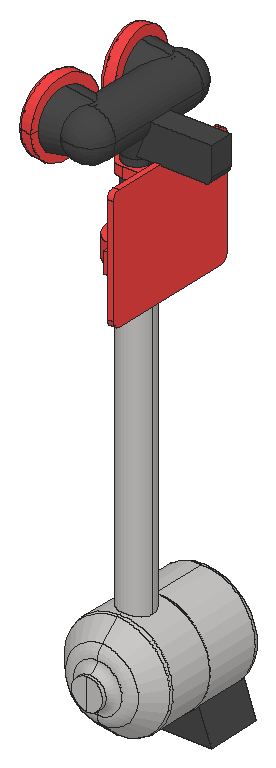
Revit family "Emergency_Equipment-Tepid-Swing_Down_Eye_Wash-S2250", category Plumbing Fixtures, Revit 2016
Family settings
  Part Type = Normal
  Round Connector Dimension = Use Diameter
  OmniClass Number = 23.45.05.14.24
  OmniClass Title = Eye Wash Fountains
  Work Plane-Based = Yes
  Always vertical = No
  Cut with Voids When Loaded = No
  Shared = No
  Room Calculation Point = No
Parameters (values of type "S2250-NP-NFT")
  nsd [instance] = not([Swing Over / Actuate])  # no
  Width = 0' - 4 77/256"  # constant formula
  Waste Connection = no
  Version = "2016-v1.0a"  # constant formula
  Vent Connection = no
  URL = "www.tepid.com"
  Swing Over / Actuate [instance] = yes
  Product Page URL = "http://www.tepid.com/products/s2250-np-nft-nana/"
  Product Name = "Wall Mounted Swing Down Eyewash"  # constant formula
  Product Documentation Link = "http://www.tepid.com/wp-content/uploads/SpSh-S2250S2550.pdf"
  Pipe Finish = Metal - Stingray - Stainless Steel SS
  Model = "S2250-NP-NFT"
  Manufacturer Phone Number = "(888) 445-4142"  # constant formula
  Manufacturer Email = "customerservice@drenchshower.com"
  Manufacturer Address = "5330 East 25th Street Indianapolis Indiana 46218"  # constant formula
  Manufacturer = "Stingray Systems"  # constant formula
  Length = 1' - 3"  # constant formula
  Supply Connection = 1/2"  # constant formula
  Height = 1' - 2 179/256"  # constant formula
  HW Connection = yes
  Filter = no
  Dimension Disclaimer = "Dimensions are ±0.50”. Design and specifications are subject to change without notice."  # constant formula
  Description = "Swing Down Eyewash"  # constant formula
  Default Elevation = 4' - 0"
  Copyright = "© 2018 Stingray Systems"  # constant formula
  CW Connection = yes
  Angle [instance] = if([Swing Over / Actuate], 0.00°, 90.00°)  # 0.00°
Types (3): name | Model | Filter
  (no name) | "S2250-NP-NFT" | no
  S2250-NP-NFT | "S2250-NP-NFT" | no
  S2250-NP-FLT | "S2250-NP-FLT" | yes
Reference planes (in)
  plane 1 "Center (Front/Back)": y = 0
  plane 2: z = 0
  plane 3 "Center (Left/Right)": x = 0
  plane 4: y = 2.125
  plane 5: y = -2.125
  plane 6 "B": x = -2.1875
  plane 7 "T": x = 1.3125
  plane 8 "E": z = 13.87109
  plane 9 "C": z = 1.67188
  plane 10 "M": x = -22.1875
  plane 11: y = 12.875
  plane 12: z = 15
Forms (in)
  Extrusion 1, solid, material "Metal - Stingray - Epoxy Coated EP"
    sketch origin (0, 0, 0) x (1, 0, 0) y (0, 0, 1)
      loop
        line (1.3125, 0) -> (0.98438, 0.90149)
        arc (0.98438, 0.90149) -> (0, 0.42188) -> (-0.98438, 0.90149) r 1.25
        line (-0.98438, 0.90149) -> (-1.3125, 0) -> (1.3125, 0)
    from 0 to -1.35103
  Revolve 2, solid, material "Metal - Stingray - Stainless Steel SS" <- "Pipe Finish"
    sketch origin (0, 0, 0) x (0, 1, 0) y (0, 0, 1)
      loop
        line (-0.06386, 1.67187) -> (1.45575, 1.67187) -> (1.45575, 2.86447)
        arc (1.45575, 2.86447) -> (1.42148, 2.9472) -> (1.33876, 2.98146) r 0.11699
        line (1.33876, 2.98146) -> (-0.06386, 2.98146) -> (-0.06386, 1.67187)
      axis (1.45575, 1.67187) -> (-0.06386, 1.67187)
    angle from 0 to 360
Lines and regions (in)
  Masking region 1, visible <- "Swing Over / Actuate", detail levels medium+fine
    outline origin (-22.1875, 0, 0) x (0, 0, -1) y (0, -1, 0)
      loop
        line (-0.35937, -1.46819) -> (-0.35937, 1.21989) -> (-0.78072, 1.70254)
        arc (-0.78072, 1.70254) -> (-0.91524, 1.79752) -> (-1.07546, 1.83552) r 0.43385
        arc (-1.07546, 1.83552) -> (-1.22973, 1.9052) -> (-1.29286, 2.06226) r 0.22693
        line (-1.29286, 2.06226) -> (-1.29286, 2.12326) -> (-2.05089, 2.12326) -> (-2.05089, 2.06226)
        arc (-2.05089, 2.06226) -> (-2.11402, 1.9052) -> (-2.26829, 1.83552) r 0.22693
        arc (-2.26829, 1.83552) -> (-2.43824, 1.79298) -> (-2.57811, 1.68721) r 0.43385
        line (-2.57811, 1.68721) -> (-2.98438, 1.21985) -> (-2.98438, 1.07565) -> (-10.30174, 1.07565) -> (-10.30174, 1.14185) -> (-10.60905, 1.14185) -> (-10.60905, 1.58333) -> (-11.12109, 1.58333) -> (-11.12109, 1.14185) -> (-11.97262, 1.14185) -> (-11.97262, 0.97105) -> (-12.49018, 0.97105) -> (-12.49018, 1.07809) -> (-12.7432, 1.07809) -> (-12.7432, 0.97105) -> (-12.92104, 0.97105) -> (-13.23356, 1.0848)
        arc (-13.23356, 1.0848) -> (-13.86635, 2.74002) -> (-14.47205, 1.0747) r 0.94565
        line (-14.47205, 1.0747) -> (-14.47205, 0.21895)
        arc (-14.47205, 0.21895) -> (-13.85791, -1.4464) -> (-13.24631, 0.21989) r 0.94565
        line (-13.24631, 0.21989) -> (-12.90446, 0.34431) -> (-12.7432, 0.34431) -> (-12.7432, 0.23728) -> (-12.49018, 0.23728) -> (-12.49018, 0.34431) -> (-11.97262, 0.34431) -> (-11.97262, 0.17351) -> (-11.12109, 0.17351) -> (-11.12109, -0.26797) -> (-10.60905, -0.26797) -> (-10.60905, 0.17351) -> (-10.30174, 0.17351) -> (-10.30174, 0.24752) -> (-2.98438, 0.24752) -> (-2.98438, -1.46819) -> (-0.35937, -1.46819)
  Masking region 2, visible <- "Swing Over / Actuate", detail levels coarse
    outline origin (-22.1875, 0, 0) x (0, 0, -1) y (0, -1, 0)
      loop
        line (-0.35937, -1.46819) -> (-0.35937, 1.22884) -> (-1.25379, 2.12326) -> (-2.20687, 2.12326) -> (-2.98438, 1.22884) -> (-2.98438, 1.07565) -> (-12.91298, 1.07565) -> (-12.91298, 1.7944)
        arc (-12.91298, 1.7944) -> (-13.85863, 2.74005) -> (-14.80428, 1.7944) r 0.94565
        line (-14.80428, 1.7944) -> (-14.80428, -0.50075)
        arc (-14.80428, -0.50075) -> (-13.85863, -1.4464) -> (-12.91298, -0.50075) r 0.94565
        line (-12.91298, -0.50075) -> (-12.91298, 0.24752) -> (-2.98438, 0.24752) -> (-2.98438, -1.46819) -> (-0.35937, -1.46819)
  Masking region 3, visible <- "nsd"
    outline origin (0, 0, 0) x (0, 1, 0) y (0, 0, 1)
      loop
        line (1.46819, 0.35937) -> (1.46819, 2.98438) -> (-1.22884, 2.98438) -> (-1.7944, 2.49274) -> (-1.7944, 0.92493) -> (-1.22884, 0.35937) -> (1.46819, 0.35937)
  Masking region 4, visible <- "nsd", detail levels medium+fine
    outline origin (0, 0, 0) x (0, 1, 0) y (0, 0, 1)
      loop
        line (-0.83559, 0.62279) -> (-0.8707, 0.95678) -> (-1.13556, 0.92894) -> (-1.14482, 1.01704) -> (-0.18117, 1.01704) -> (-0.19003, 0.93272) -> (-0.41894, 0.95678) -> (-0.45405, 0.62269) -> (1.40574, 0.42722) -> (1.44084, 0.76121) -> (1.25835, 0.78039) -> (1.17153, 1.27279)
        arc (1.17153, 1.27279) -> (1.22676, 1.90108) -> (0.6909, 2.23372) r 0.60189
        line (0.6909, 2.23372) -> (-0.34578, 2.23372) -> (-0.34578, 3.73114) -> (-0.91652, 3.73114) -> (-0.91652, 2.23372) -> (-1.9815, 2.23372)
        arc (-1.9815, 2.23372) -> (-2.51736, 1.90108) -> (-2.46212, 1.27279) r 0.60189
        line (-2.46212, 1.27279) -> (-2.54895, 0.78039) -> (-2.73144, 0.76121) -> (-2.69633, 0.42722) -> (-0.83559, 0.62279)
  Masking region 5, visible <- "nsd", detail levels coarse
    outline origin (0, 0, 0) x (0, 1, 0) y (0, 0, 1)
      loop
        arc (-2.01468, 2.23057) -> (-2.58085, 1.64232) -> (-2.01657, 1.05227) r 0.58966
        line (-2.01657, 1.05227) -> (0.73855, 1.05227)
        arc (0.73855, 1.05227) -> (1.30283, 1.64232) -> (0.73666, 2.23057) r 0.58966
        line (0.73666, 2.23057) -> (-2.01468, 2.23057)
  Masking region 6, visible <- "nsd", detail levels fine
    outline origin (0, 0, 0) x (0, 1, 0) y (0, 0, 1)
      loop
        line (1.0866, 2.36116) -> (1.0866, 2.49274) -> (-0.34578, 2.49274) -> (-0.34578, 2.36116) -> (1.0866, 2.36116)
      loop
        line (-2.37516, 2.36116) -> (-0.91652, 2.36116) -> (-0.91652, 2.49274) -> (-2.37516, 2.49274) -> (-2.37516, 2.36116)
  Masking region 7, visible <- "Swing Over / Actuate", detail levels fine
    outline origin (0, 0, 0) x (0, 1, 0) y (0, 0, 1)
      loop
        line (1.07286, 10.02872) -> (1.07286, 13.02872) -> (-2.3889, 13.02872) -> (-2.3889, 10.02872) -> (1.07286, 10.02872)
  Masking region 8
    outline origin (0, 0, 0) x (0, 1, 0) y (0, 0, 1)
      loop
        line (1.35103, 0.35937) -> (0, 0.35937) -> (0, 0) -> (1.35103, 0) -> (1.35103, 0.35937)
  reference lines
    curve 1: line (0, 0, 1.67188) -> (-3.91029, 0, 1.67188)
    curve 2: line (0, 0, 1.67188) -> (0, 0, 9.17188)
  symbolic lines, visible <- "nsd", detail levels fine
    curve 3: line (0, 1.25835, 0.78039) -> (0, -0.19003, 0.93272)
    curve 4: line (0, -1.13556, 0.92894) -> (0, -2.54895, 0.78039)
    curve 5: line (0, -0.34578, 2.23372) -> (0, -0.91652, 2.23372)
  symbolic lines, visible <- "Swing Over / Actuate", detail levels fine
    curve 6: line (0, -0.07676, 2.98101) -> (0, -0.07676, 0.36274)
    curve 7: line (0, -0.2523, 2.98101) -> (0, -1.0648, 2.98101)
    curve 8: line (0, -0.17418, 10.60905) -> (0, -1.14293, 10.60905)
    curve 9: line (0, -1.14293, 11.12109) -> (0, -0.17418, 11.12109)
    curve 10: line (0, -0.34605, 12.7432) -> (0, -0.97105, 12.7432)
    curve 11: line (0, -0.97105, 12.49018) -> (0, -0.34605, 12.49018)
    curve 12: arc (0, -0.19028, 14.50417) -> (0, -0.4449, 13.85863) -> (0, -0.19028, 13.21309) r 0.94565
    curve 13: arc (0, -1.10336, 14.50417) -> (0, -0.84875, 13.85863) -> (0, -1.10336, 13.21309) r 0.94565
Dimensions and locks (in)
  equal spacing: plane 5, plane 1 "Center (Front/Back)", plane 4
  locked: plane 7 "T" to plane 3 "Center (Left/Right)" at 1.3125
  locked: plane 8 "E" to plane 9 "C" at 12.19922
  locked: plane 9 "C" to plane 2 at 1.67188
  Extrusion 1 sketch curve to Extrusion 1 sketch curve to plane 3 "Center (Left/Right)" to Extrusion 1 sketch curve to Extrusion 1 sketch curve = 0' - 0 21/64" locked, 0' - 0 63/64" locked, 0' - 0 63/64" locked, 0' - 0 21/64" locked
  Extrusion 1 sketch curve to Extrusion 1 sketch curve to plane 2 to Extrusion 1 sketch curve = 0' - 0" locked, 0' - 0.90149" locked, 0' - 0" locked
  locked: Extrusion 1 to plane 1 "Center (Front/Back)" at 1.35103
  Revolve 2 sketch curve to plane 1 "Center (Front/Back)" to Revolve 2 sketch curve to Revolve 2 sketch curve = 0' - 0.06386" locked, 0' - 1.33876" locked, 0' - 0.11699" locked
  Revolve 2 sketch curve to Revolve 2 sketch curve to plane 9 "C" to Revolve 2 sketch curve = 0' - 0.11699" locked, 0' - 1.1926" locked, 0' - 0" locked
  locked: plane 10 "M" to plane 3 "Center (Left/Right)" at 22.1875
  "Length": plane 5 to plane 11
  locked: curve 2 to curve 1 (angle 90.00°)
  "Angle": angle plane 3 "Center (Left/Right)" to curve 2
  aligned and locked: plane 2 to level
  aligned and locked: plane 9 "C" to Extrusion 1 sketch curve
  aligned and locked: plane 9 "C" to curve 1
  aligned and locked: plane 3 "Center (Left/Right)" to curve 1
  aligned and locked: plane 1 "Center (Front/Back)" to Extrusion 1
Automatic sketch dimensions
  Extrusion 1 sketch curve to Extrusion 1 sketch curve = 0' - 0"
  Masking region 3 sketch curve to plane 4 = 0' - 3.9194"
  Masking region 3 sketch curve to Masking region 3 sketch curve = 0' - 0.56556"  (x3)
  Masking region 3 sketch curve to Masking region 3 sketch curve = 0' - 2.69703"
  Masking region 3 sketch curve to plane 9 "C" = 0' - 1 5/16"
  Masking region 3 sketch curve to Masking region 3 sketch curve = 0' - 1.56781"
  Masking region 3 sketch curve to Masking region 3 sketch curve = 0' - 0.49163"
  plane 5 to Masking region 4 sketch curve = 0' - 0.60644"
  Masking region 4 sketch curve to plane 9 "C" = 0' - 1.24465"
  Masking region 4 sketch curve to Masking region 4 sketch curve = 0' - 0.0351"
  Masking region 4 sketch curve to Masking region 4 sketch curve = 0' - 0.18249"  (x2)
  Masking region 4 sketch curve to Masking region 4 sketch curve = 0' - 0.08682"  (x2)
  Masking region 4 sketch curve to Masking region 4 sketch curve = 0' - 0.48063"
  Masking region 4 sketch curve to Masking region 4 sketch curve = 0' - 0.48308"  (x2)
  Masking region 4 sketch curve to Masking region 4 sketch curve = 0' - 0.83423"
  Masking region 4 sketch curve to plane 9 "C" = 0' - 0.74293"
  Masking region 4 sketch curve to Masking region 4 sketch curve = 0' - 0.00926"
  Masking region 4 sketch curve to Masking region 4 sketch curve = 0' - 1.06498"
  Masking region 4 sketch curve to Masking region 4 sketch curve = 0' - 0.26486"
  level to Masking region 4 sketch curve = 0' - 0.62279"
  Masking region 4 sketch curve to Masking region 4 sketch curve = 0' - 0.38155"
  Masking region 4 sketch curve to plane 9 "C" = 0' - 0.7151"
  Masking region 4 sketch curve to Masking region 4 sketch curve = 0' - 0.03511"
  Masking region 4 sketch curve to Masking region 4 sketch curve = 0' - 0.57074"
  Masking region 4 sketch curve to Masking region 4 sketch curve = 0' - 0.2289"
  Masking region 4 sketch curve to Masking region 4 sketch curve = 0' - 0.00886"
  Masking region 4 sketch curve to Masking region 4 sketch curve = 0' - 0.86962"
  Masking region 4 sketch curve to Masking region 4 sketch curve = 0' - 0.00245"
  Masking region 4 sketch curve to Masking region 4 sketch curve = 0' - 0.14738"
  Masking region 4 sketch curve to Masking region 4 sketch curve = 0' - 0.4924"  (x2)
  Masking region 4 sketch curve to Masking region 4 sketch curve = 0' - 0.35904"  (x2)
  Masking region 4 sketch curve to Masking region 4 sketch curve = 0' - 1.49742"
  Masking region 5 sketch curve to plane 4 = 0' - 4.14157"
  Masking region 5 sketch curve to Masking region 5 sketch curve = 0' - 0.00189"
  Masking region 5 sketch curve to Masking region 5 sketch curve = 0' - 0.02349"  (x2)
  Masking region 5 sketch curve to Masking region 5 sketch curve = 0' - 2.70436"
  Masking region 5 sketch curve to Masking region 5 sketch curve = 0' - 0.02538"
  Masking region 5 sketch curve to plane 9 "C" = 0' - 0.61961"
  Masking region 5 sketch curve to Masking region 5 sketch curve = 0' - 0.58911"
  plane 5 to Masking region 6 sketch curve = 0' - 0.25016"
  Masking region 6 sketch curve to plane 5 = 0' - 1.20848"
  Masking region 6 sketch curve to plane 5 = 0' - 1.77922"
  Masking region 6 sketch curve to plane 5 = 0' - 3.2116"
  plane 9 "C" to Masking region 6 sketch curve = 0' - 0.68929"
  Masking region 6 sketch curve to Masking region 6 sketch curve = 0' - 0"
  Masking region 6 sketch curve to Masking region 6 sketch curve = 0' - 0.13158"  (x2)
  plane 5 to Masking region 7 sketch curve = 0' - 0.2639"
  Masking region 7 sketch curve to plane 4 = 0' - 1.05214"
  Masking region 7 sketch curve to plane 8 "E" = 0' - 3.84237"
  Masking region 7 sketch curve to plane 8 "E" = 0' - 0.84237"
  curve 13 to plane 8 "E" = 0' - 0.01246"
  curve 13 to plane 5 = 0' - 0.3306"
  curve 12 to plane 8 "E" = 0' - 0.01246"
  curve 12 to plane 1 "Center (Front/Back)" = 0' - 0.50075"
  curve 13 to curve 13 = 0' - 0.69104"  (x2)
  plane 5 to curve 4 = 0' - 0.42395"
  curve 9 to plane 5 = 0' - 0.98207"
  curve 8 to curve 9 = 0' - 0"
  curve 4 to plane 5 = 0' - 0.98944"
  curve 7 to plane 5 = 0' - 1.0602"
  plane 1 "Center (Front/Back)" to curve 10 = 0' - 0.97105"
  curve 11 to curve 10 = 0' - 0"
  curve 7 to curve 5 = 0' - 0.14828"
  plane 1 "Center (Front/Back)" to curve 11 = 0' - 0.34605"
  curve 10 to curve 11 = 0' - 0"
  plane 1 "Center (Front/Back)" to curve 5 = 0' - 0.34578"
  plane 1 "Center (Front/Back)" to curve 7 = 0' - 0.2523"
  plane 1 "Center (Front/Back)" to curve 12 = 0' - 0.19028"  (x2)
  plane 1 "Center (Front/Back)" to curve 3 = 0' - 0.19003"
  plane 1 "Center (Front/Back)" to curve 9 = 0' - 0.17418"
  plane 1 "Center (Front/Back)" to curve 8 = 0' - 0.17418"
  plane 1 "Center (Front/Back)" to curve 6 = 0' - 0.07676"
  curve 3 to plane 4 = 0' - 0.86665"
  curve 13 to plane 8 "E" = 0' - 0.658"
  curve 12 to plane 8 "E" = 0' - 0.658"
  curve 10 to curve 12 = 0' - 0.46989"
  curve 11 to curve 10 = 0' - 0.25302"
  curve 9 to curve 11 = 0' - 1.36909"
  curve 8 to curve 9 = 0' - 0.51204"
  plane 9 "C" to curve 7 = 0' - 1.30913"
  curve 7 to curve 6 = 0' - 0"
  plane 9 "C" to curve 5 = 0' - 0.56185"
  curve 3 to plane 9 "C" = 0' - 0.73915"
  curve 4 to plane 9 "C" = 0' - 0.74293"
  level to curve 3 = 0' - 0.78039"
  level to curve 4 = 0' - 0.78039"
  level to curve 6 = 0' - 0.36274"
  Revolve 2 sketch curve to plane 1 "Center (Front/Back)" = 0' - 0"
  Revolve 2 sketch curve to plane 4 = 0' - 0"
  Revolve 2 sketch curve to plane 9 "C" = 0' - 0"
  plane 8 "E" to Masking region 1 sketch curve = 0' - 0.60096"
  Masking region 1 sketch curve to plane 8 "E" = 0' - 0.01246"  (x2)
  plane 1 "Center (Front/Back)" to Masking region 1 sketch curve = 0' - 0.21989"
  Masking region 1 sketch curve to plane 8 "E" = 0' - 0.62478"
  Masking region 1 sketch curve to plane 8 "E" = 0' - 0.63754"
  Masking region 1 sketch curve to Masking region 1 sketch curve = 0' - 0 5/16"
  Masking region 1 sketch curve to Masking region 1 sketch curve = 0' - 0.34186"
  Masking region 1 sketch curve to Masking region 1 sketch curve = 0' - 0.17783"
  Masking region 1 sketch curve to Masking region 1 sketch curve = 0' - 0.16125"
  Masking region 1 sketch curve to Masking region 1 sketch curve = 0' - 0.25302"  (x2)
  Masking region 1 sketch curve to Masking region 1 sketch curve = 0' - 0.51756"  (x2)
  plane 1 "Center (Front/Back)" to Masking region 1 sketch curve = 0' - 0.17351"  (x2)
  Masking region 1 sketch curve to Masking region 1 sketch curve = 0' - 0.85153"  (x2)
  Masking region 1 sketch curve to Masking region 1 sketch curve = 0' - 0.51204"  (x2)
  Masking region 1 sketch curve to Masking region 1 sketch curve = 0' - 0.30731"  (x2)
  plane 9 "C" to Masking region 1 sketch curve = 0' - 1 5/16"
  Masking region 1 sketch curve to Masking region 1 sketch curve = 0' - 0"  (x5)
  Masking region 1 sketch curve to plane 5 = 0' - 0.06274"  (x2)
  plane 9 "C" to Masking region 1 sketch curve = 0' - 0.60594"
  plane 9 "C" to Masking region 1 sketch curve = 0' - 0.57821"
  Masking region 1 sketch curve to plane 5 = 0' - 0.00174"
  Masking region 1 sketch curve to Masking region 1 sketch curve = 0' - 0.22693"  (x2)
  Masking region 1 sketch curve to plane 9 "C" = 0' - 0.37901"
  Masking region 1 sketch curve to plane 9 "C" = 0' - 0.57821"
  Masking region 1 sketch curve to plane 5 = 0' - 0.42246"
  Masking region 1 sketch curve to Masking region 1 sketch curve = 0' - 0.31295"
  level to Masking region 1 sketch curve = 0' - 0 23/64"
  Masking region 1 sketch curve to plane 1 "Center (Front/Back)" = 0' - 0.26797"
  Masking region 1 sketch curve to plane 1 "Center (Front/Back)" = 0' - 0.50075"
  Masking region 1 sketch curve to plane 4 = 0' - 0.65681"
  plane 1 "Center (Front/Back)" to Masking region 1 sketch curve = 0' - 0.23728"
  plane 1 "Center (Front/Back)" to Masking region 1 sketch curve = 0' - 0.24752"
  Masking region 1 sketch curve to Masking region 1 sketch curve = 0' - 0.10703"  (x3)
  Masking region 1 sketch curve to Masking region 1 sketch curve = 0' - 0.62674"
  Masking region 1 sketch curve to Masking region 1 sketch curve = 0' - 0.85575"
  Masking region 1 sketch curve to Masking region 1 sketch curve = 0' - 0 53/64"
  Masking region 1 sketch curve to Masking region 1 sketch curve = 0' - 0.11375"
  Masking region 1 sketch curve to Masking region 1 sketch curve = 0' - 0.0662"
  Masking region 1 sketch curve to Masking region 1 sketch curve = 0' - 0.1708"
  Masking region 1 sketch curve to Masking region 1 sketch curve = 0' - 0.1442"
  Masking region 1 sketch curve to Masking region 1 sketch curve = 0' - 0.48265"
  Masking region 1 sketch curve to Masking region 1 sketch curve = 0' - 0.6602"
  Masking region 1 sketch curve to Masking region 1 sketch curve = 0' - 0.30048"
  Masking region 1 sketch curve to Masking region 1 sketch curve = 0' - 0.44148"
  Masking region 1 sketch curve to plane 5 = 0' - 0.43779"
  Masking region 1 sketch curve to Masking region 1 sketch curve = 0' - 0.30982"
  Masking region 1 sketch curve to Masking region 1 sketch curve = 0' - 0.0006"
  Masking region 2 sketch curve to plane 5 = 0' - 0.3306"
  plane 8 "E" to Masking region 2 sketch curve = 0' - 0.93319"
  Masking region 2 sketch curve to plane 8 "E" = 0' - 0.01246"  (x2)
  plane 1 "Center (Front/Back)" to Masking region 2 sketch curve = 0' - 0.24752"
  plane 9 "C" to Masking region 2 sketch curve = 0' - 1 5/16"
  Masking region 2 sketch curve to Masking region 2 sketch curve = 0' - 0"
  Masking region 2 sketch curve to plane 5 = 0' - 0.00174"
  plane 9 "C" to Masking region 2 sketch curve = 0' - 0.53499"
  Masking region 2 sketch curve to plane 9 "C" = 0' - 0.41808"
  level to Masking region 2 sketch curve = 0' - 0 23/64"
  Masking region 2 sketch curve to plane 1 "Center (Front/Back)" = 0' - 0.50075"
  Masking region 2 sketch curve to plane 4 = 0' - 0.65681"
  Masking region 2 sketch curve to Masking region 2 sketch curve = 0' - 0 53/64"
  Masking region 2 sketch curve to Masking region 2 sketch curve = 0' - 0.15319"
  Masking region 2 sketch curve to plane 5 = 0' - 0.89616"
  Masking region 8 sketch curve to plane 1 "Center (Front/Back)" = 0' - 0"
  Masking region 8 sketch curve to level = 0' - 0"
  Masking region 8 sketch curve to plane 4 = 0' - 0.77397"
  level to Masking region 8 sketch curve = 0' - 0 23/64"
Nested families (in)
  nested 1: "Swing_Down_Eye_Wash" at (0, -0.65855, 1.67188) x (-1, 0, 0) z (0, 0, 1), type "Swing Down Eyewash"
Connectors (in)
  piping at (0, 0.67552, 0), diameter 0.5, driven by "Supply Connection"
    settings: on Extrusion 1, index 1, connector inside diameter 24", connector length 0' - 0", flow factor 0, pipe flow 0 GPM, pressure drop 0.00 psi, fitting loss kfactor 0, connector angle 0.00°, fixture units 0, engagement length 0' - 0", angle of deflection 0.00°, flow configuration 0, flow direction 1, fitting loss method 0, system type 22, joint type 0, gender type 0, connector reference index -1, connector utility 0, adjustable connector no, is connector primary yes, connector description "Supply COnnection"
Definition of nested family "Swing_Down_Eye_Wash"
  Parameters (values of type "Swing Down Eyewash")
    nab = not(AB)  # yes
    Width = 0' - 4 1/4"  # constant formula
    Waste Connection = yes
    Version = "2015 v1.0a"  # constant formula
    Vent Connection = no
    URL = "www.tepid.com"
    Product Page URL = ""
    Product Name = ""
    Product Documentation Link = ""
    Pipe Finish = none
    Model = ""
    Manufacturer Phone Number = "(888) 445-4142"  # constant formula
    Manufacturer Email = ""
    Manufacturer Address = "5330 East 25th Street Indianapolis Indiana 46218"  # constant formula
    Manufacturer = "Stingray Systems"  # constant formula
    Length offset = 0' - 9 25/64"  # constant formula
    Length = 1' - 0 51/256"  # constant formula
    Supply Connection = 1"  # constant formula
    Height = 0' - 3 1/2"  # constant formula
    HW Connection = yes
    Drain Connection = 1"  # constant formula
    Description = ""
    Default Elevation = 4' - 0"
    Copyright = "© 2018 Stingray Systems"  # constant formula
    CW Connection = yes
    C Pipe = if(Length = 2' 0", 0' 2 143/256", if(Length = 1' 2", 0' 1 43/64", 0' 2 143/256"))  # 0' - 2 143/256"
    Base Finish = none
    AB = no
  Reference planes (in)
    plane 1 "Center (Front/Back)": y = 0
    plane 2: z = 0
    plane 3 "Center (Left/Right)": x = 0
    plane 4: y = 2.125
    plane 5: y = -2.125
    plane 6 "B": x = -2.1875
    plane 7 "T": x = 1.3125
    plane 8 "c": z = 12.19922
    plane 9 "Rotate": y = -0.58179
  Forms (in)
    Revolve 1, solid, material <- "Pipe Finish"
      sketch origin (-34.84512, 0, 4.60977) x (0, 0, -1) y (1, 0, 0)
        loop
          line (-7.46116, 34.84512) -> (4.60977, 34.84512) -> (4.60977, 35.25137) -> (-4.02009, 35.25137) -> (-4.02009, 35.32949) -> (-5.62613, 35.32949) -> (-5.69097, 35.26465) -> (-5.69097, 35.15762) -> (-6.62281, 35.15762) -> (-7.46116, 35.39328) -> (-7.46116, 34.84512)
        axis (-7.46116, 34.84512) -> (4.60977, 34.84512)
      angle from 0 to 360
    Extrusion 2, solid
      sketch origin (-3.27861, 0.125, 4.34494) x (0, 0, -1) y (0, -1, 0)
        loop
          arc (-7.0119, -1.41501) -> (-6.95615, -1.5496) -> (-6.82157, -1.60535) r 0.19034
          line (-6.82157, -1.60535) -> (-4.20331, -1.60535)
          arc (-4.20331, -1.60535) -> (-4.06796, -1.54929) -> (-4.0119, -1.41394) r 0.19141
          line (-4.0119, -1.41394) -> (-4.0119, 1.66501)
          arc (-4.0119, 1.66501) -> (-4.06796, 1.80035) -> (-4.20331, 1.85642) r 0.19141
          line (-4.20331, 1.85642) -> (-6.8205, 1.85642)
          arc (-6.8205, 1.85642) -> (-6.95584, 1.80035) -> (-7.0119, 1.66501) r 0.19141
          line (-7.0119, 1.66501) -> (-7.0119, -1.41501)
      from -2.45774 to -2.602
    Revolve 3, solid
      sketch origin (-2.90051, 0, 12.19922) x (-1, 0, 0) y (0, -1, 0)
        loop
          arc (-2.95092, -1.94028) -> (-2.52185, -1.76255) -> (-2.34412, -1.33348) r 0.6068
          line (-2.34412, -1.33348) -> (-2.34412, 1.33348)
          arc (-2.34412, 1.33348) -> (-2.52185, 1.76255) -> (-2.95092, 1.94028) r 0.6068
          line (-2.95092, 1.94028) -> (-2.95092, -1.94028)
        axis (-2.95092, -1.94028) -> (-2.95092, 1.94028)
      angle from 0 to 360
    Revolve 4, solid
      sketch origin (-2.79114, -0.0625, 12.19922) x (-1, 0, 0) y (0, -1, 0)
        loop
          line (-3.93804, 1.05865) -> (-3.84677, 0.19025)
          arc (-3.84677, 0.19025) -> (-3.81004, 0.15126) -> (-3.75844, 0.13688) r 0.09978
          line (-3.75844, 0.13688) -> (-3.50627, 0.16338) -> (-3.60406, 1.09375) -> (-3.93804, 1.05865)
        axis (-3.60406, 1.09375) -> (-3.93804, 1.05865)
      angle from 0 to 360
    Revolve 5, solid
      sketch origin (-2.79114, 0.0625, 12.19922) x (-1, 0, 0) y (0, 1, 0)
        loop
          line (-3.93804, 1.05865) -> (-3.84677, 0.19025)
          arc (-3.84677, 0.19025) -> (-3.81004, 0.15126) -> (-3.75844, 0.13688) r 0.09978
          line (-3.75844, 0.13688) -> (-3.50627, 0.16338) -> (-3.60406, 1.09375) -> (-3.93804, 1.05865)
        axis (-3.60406, 1.09375) -> (-3.93804, 1.05865)
      angle from 0 to 360
    SweptBlend 6, solid
      path origin (-2.90051, 0, 0) x (1, 0, 0) y (0, 0, 1)
        loop
          line (2.90051, 12.19922) -> (3.81611, 12.19922)
      profile origin (0, 0, 12.19922) x (0, 0, 1) y (0, -1, 0)
        loop
          circle (0, -1.15926) r 0.59209
      end profile origin (0.9156, 0, 12.19922) x (0, 0, 1) y (0, -1, 0)
        loop
          circle (0, -1.18828) r 0.72537
    SweptBlend 7, solid
      path origin (-2.90051, 0, 0) x (1, 0, 0) y (0, 0, 1)
        loop
          line (2.90051, 12.19922) -> (3.81611, 12.19922)
      profile origin (0, 0, 12.19922) x (0, 0, 1) y (0, -1, 0)
        loop
          circle (0, 1.17623) r 0.59209
      end profile origin (0.9156, 0, 12.19922) x (0, 0, 1) y (0, -1, 0)
        loop
          circle (0, 1.14721) r 0.72537
    Revolve 8, solid, material <- "Pipe Finish"
      sketch origin (0, 0, 0) x (0, 1, 0) y (0, 0, 1)
        loop
          line (-0.58179, 0) -> (-0.58179, -1.30913) -> (0.5, -1.30913)
          arc (0.5, -1.30913) -> (0.54181, -1.3032) -> (0.58118, -1.28792) r 0.18435
          line (0.58118, -1.28792) -> (1.03724, -0.89023)
          arc (1.03724, -0.89023) -> (1.13933, -0.75781) -> (1.18278, -0.59635) r 0.42729
          arc (1.18278, -0.59635) -> (1.25823, -0.43978) -> (1.42117, -0.37929) r 0.23246
          line (1.42117, -0.37929) -> (1.50178, -0.37929) -> (1.50178, 0) -> (-0.58179, 0)
        axis (-0.58179, 0) -> (1.50178, 0)
      angle from 0 to 360
    Extrusion 9, solid
      sketch origin (0, 0.125, 5.37709) x (-1, 0, 0) y (0, -1, 0)
        loop
          arc (-0.04972, 0.79978) -> (-0.67661, 0.125) -> (-0.04972, -0.54978) r 0.67661
          line (-0.04972, -0.54978) -> (-0.04972, -0.79978) -> (0.67661, -0.79978) -> (0.67661, 1.04978) -> (-0.04972, 1.04978) -> (-0.04972, 0.79978)
        loop
          circle (0, 0.125) r 0.48438
      from 3.56009 to 4.07213
    Extrusion 10, solid
      sketch origin (0, 0, 5.37709) x (-1, 0, 0) y (0, -1, 0)
        loop
          arc (0, 0.41953) -> (-0.41953, 0) -> (0, -0.41953) r 0.41953
          line (0, -0.41953) -> (0.67661, -0.41953) -> (0.67661, 0.41953) -> (0, 0.41953)
        loop
          circle (0, 0) r 0.3125
      from 5.44121 to 5.69424
    Extrusion 11, solid
      sketch origin (0, 0, 0) x (1, 0, 0) y (0, 0, 1)
        loop
          line (0, 12.19922) -> (-2.05923, 12.19922) -> (-2.05923, 11.49351)
          arc (-2.05923, 11.49351) -> (-2.00745, 11.36851) -> (-1.88245, 11.31673) r 0.17678
          line (-1.88245, 11.31673) -> (0, 11.31673) -> (0, 12.19922)
      from -0.27171 to 0.29904
  Cuts and joins
    joined: Revolve 1, Revolve 8
    joined: Extrusion 2, Extrusion 9, Extrusion 10
    joined: Revolve 3, Extrusion 11
  Dimensions and locks (in)
    "Width": plane 4 to plane 5
    equal spacing: plane 5, plane 1 "Center (Front/Back)", plane 4
    "Height": plane 7 "T" to plane 6 "B"
    locked: plane 7 "T" to plane 3 "Center (Left/Right)" at 1.3125
    "Length": plane 8 "c" to plane 2
    Revolve 1 sketch curve to Revolve 1 sketch curve to Revolve 1 sketch curve to Revolve 1 sketch curve to Revolve 1 sketch curve to Revolve 1 sketch curve to Revolve 1 sketch curve to plane 3 "Center (Left/Right)" = 0' - 0.06379" locked, 0' - 0.06484" locked, 0' - 0.01328" locked, 0' - 0 3/32" locked, 0' - 0 5/16" locked, 0' - 0" locked, 0' - 0" locked
    plane 8 "c" to Revolve 1 sketch curve to Revolve 1 sketch curve to Revolve 1 sketch curve to Revolve 1 sketch curve to Revolve 1 sketch curve = 0' - 0.12829" locked, 0' - 0.83835" locked, 0' - 0.93184" locked, 0' - 0.06484" locked, 0' - 1.60604" locked
    Extrusion 2 sketch curve to Extrusion 2 sketch curve to Extrusion 2 sketch curve to plane 1 "Center (Front/Back)" to Extrusion 2 sketch curve to Extrusion 2 sketch curve to Extrusion 2 sketch curve = 0' - 0 49/256" locked, 0' - 0" locked, 0' - 1.54001" locked, 0' - 1.53894" locked, 0' - 0.00107" locked, 0' - 0.19034" locked
    Extrusion 2 sketch curve to Extrusion 2 sketch curve to Extrusion 2 sketch curve to Extrusion 2 sketch curve to Extrusion 2 sketch curve to Extrusion 2 sketch curve to plane 8 "c" = 0' - 0 49/256" locked, 0' - 0" locked, 0' - 2 79/128" locked, 0' - 0.00107" locked, 0' - 0.19034" locked, 0' - 0.84237" locked
    Revolve 3 sketch curve to plane 3 "Center (Left/Right)" to Revolve 3 sketch curve to Revolve 3 sketch curve = 0' - 0.55639" locked, 0' - 0.0504" locked, 0' - 0" locked
    Revolve 3 sketch curve to Revolve 3 sketch curve to plane 1 "Center (Front/Back)" to Revolve 3 sketch curve to Revolve 3 sketch curve = 0' - 0.6068" locked, 0' - 1.33348" locked, 0' - 1.33348" locked, 0' - 0.6068" locked
    SweptBlend 7 sketch curve to SweptBlend 7 sketch curve to plane 3 "Center (Left/Right)" = 0' - 0.9156" locked, 0' - 0" locked
    locked: plane 1 "Center (Front/Back)" to SweptBlend 7 sketch curve at 1.17623
    locked: plane 1 "Center (Front/Back)" to SweptBlend 7 sketch curve at 1.14721
    SweptBlend 6 sketch curve to SweptBlend 6 sketch curve to plane 3 "Center (Left/Right)" = 0' - 0.9156" locked, 0' - 0" locked
    locked: SweptBlend 6 sketch curve to plane 1 "Center (Front/Back)" at 1.15926
    locked: SweptBlend 6 sketch curve to plane 1 "Center (Front/Back)" at 1.18828
    plane 1 "Center (Front/Back)" to Revolve 5 sketch curve to Revolve 5 sketch curve to Revolve 5 sketch curve to Revolve 5 sketch curve to Revolve 5 sketch curve = 0' - 0.19938" locked, 0' - 0.0265" locked, 0' - 0.02687" locked, 0' - 0.86839" locked, 0' - 0.0351" locked
    plane 3 "Center (Left/Right)" to Revolve 5 sketch curve to Revolve 5 sketch curve to Revolve 5 sketch curve to Revolve 5 sketch curve to Revolve 5 sketch curve = 0' - 0.71513" locked, 0' - 0.09779" locked, 0' - 0.15438" locked, 0' - 0.08833" locked, 0' - 0.09127" locked
    Revolve 4 sketch curve to Revolve 4 sketch curve to Revolve 4 sketch curve to Revolve 4 sketch curve to Revolve 4 sketch curve to plane 1 "Center (Front/Back)" = 0' - 0.0351" locked, 0' - 0.86839" locked, 0' - 0.02687" locked, 0' - 0.0265" locked, 0' - 0.19938" locked
    plane 3 "Center (Left/Right)" to Revolve 4 sketch curve to Revolve 4 sketch curve to Revolve 4 sketch curve to Revolve 4 sketch curve to Revolve 4 sketch curve = 0' - 0.71513" locked, 0' - 0.09779" locked, 0' - 0.15438" locked, 0' - 0.08833" locked, 0' - 0.09127" locked
    cut or joined group of Revolve 3, Extrusion 11 to plane 1 "Center (Front/Back)" to cut or joined group of Revolve 3, Extrusion 11 = 0' - 0.29904" locked, 0' - 0.27171" locked
    plane 8 "c" to cut or joined group of Extrusion 2, Extrusion 9, Extrusion 10 to cut or joined group of Extrusion 2, Extrusion 9, Extrusion 10 to Extrusion 9 to Extrusion 9 = 0' - 1.12789" locked, 0' - 0.25302" locked, 0' - 1.36909" locked, 0' - 0.51204" locked
    plane 3 "Center (Left/Right)" to cut or joined group of Extrusion 2, Extrusion 9, Extrusion 10 to cut or joined group of Extrusion 2, Extrusion 9, Extrusion 10 = 0' - 0.67661" locked, 0' - 0.14426" locked
    Extrusion 9 sketch curve to Extrusion 9 sketch curve to plane 1 "Center (Front/Back)" to Extrusion 9 sketch curve to Extrusion 9 sketch curve = 0' - 0 1/4" locked, 0' - 0.67478" locked, 0' - 0.67478" locked, 0' - 0 1/4" locked
    Extrusion 9 sketch curve to plane 3 "Center (Left/Right)" to Extrusion 9 sketch curve to Extrusion 9 sketch curve = 0' - 0.67661" locked, 0' - 0.04972" locked, 0' - 0" locked
    cut or joined group of Extrusion 2, Extrusion 9, Extrusion 10 to plane 1 "Center (Front/Back)" to cut or joined group of Extrusion 2, Extrusion 9, Extrusion 10 = 0' - 0.41953", 0' - 0.41953"
    Extrusion 10 sketch curve to plane 1 "Center (Front/Back)" to Extrusion 10 sketch curve = 0' - 0.41953" locked, 0' - 0.41953" locked
    locked: Extrusion 10 sketch curve to plane 3 "Center (Left/Right)" at 0.67661
    plane 8 "c" to Extrusion 11 sketch curve to Extrusion 11 sketch curve to Extrusion 11 sketch curve = 0' - 0" locked, 0' - 0.70571" locked, 0' - 0.17678" locked
    plane 3 "Center (Left/Right)" to Extrusion 11 sketch curve to Extrusion 11 sketch curve to Extrusion 11 sketch curve = 0' - 0" locked, 0' - 1.88245" locked, 0' - 0.17678" locked
    aligned and locked: plane 2 to level
    aligned and locked: SweptBlend 7 sketch curve to plane 8 "c"
    aligned and locked: plane 8 "c" to SweptBlend 7 sketch curve  (x2)
    aligned and locked: SweptBlend 6 sketch curve to plane 8 "c"
    aligned and locked: plane 8 "c" to SweptBlend 6 sketch curve  (x2)
    aligned and locked: plane 1 "Center (Front/Back)" to Revolve 8 sketch curve
    aligned and locked: plane 2 to Revolve 8 sketch curve
    aligned and locked: plane 4 to Revolve 8 sketch curve
    aligned and locked: plane 2 to Revolve 1 sketch curve
    aligned and locked: plane 1 "Center (Front/Back)" to Extrusion 9 sketch curve
    aligned and locked: plane 3 "Center (Left/Right)" to Extrusion 9 sketch curve  (x2)
    aligned and locked: plane 1 "Center (Front/Back)" to Extrusion 10 sketch curve
    aligned and locked: plane 3 "Center (Left/Right)" to Extrusion 10 sketch curve  (x2)
    aligned and locked: cut or joined group of Revolve 1, Revolve 8 to plane 9 "Rotate"
  Automatic sketch dimensions
    Revolve 3 sketch curve to Revolve 3 sketch curve = 0' - 0.04204"
    Revolve 3 sketch curve to Revolve 3 sketch curve = 0' - 0.01108"
    plane 1 "Center (Front/Back)" to Revolve 4 sketch curve = 0' - 1.12115"
    Revolve 4 sketch curve to Revolve 4 sketch curve = 0' - 0"  (x2)
    plane 1 "Center (Front/Back)" to Revolve 4 sketch curve = 0' - 1 5/32"
    plane 1 "Center (Front/Back)" to Revolve 5 sketch curve = 0' - 1.12115"
    Revolve 5 sketch curve to Revolve 5 sketch curve = 0' - 0"  (x2)
    plane 1 "Center (Front/Back)" to Revolve 5 sketch curve = 0' - 1 5/32"
    Revolve 8 sketch curve to level = 0' - 0"
    plane 1 "Center (Front/Back)" to Revolve 8 sketch curve = 0' - 0.58179"
    Revolve 8 sketch curve to plane 1 "Center (Front/Back)" = 0' - 0.4952"
    Revolve 8 sketch curve to Revolve 8 sketch curve = 0' - 0.0048"
    Revolve 8 sketch curve to Revolve 8 sketch curve = 0' - 0.08118"
    Revolve 8 sketch curve to Revolve 8 sketch curve = 0' - 0.26122"
    Revolve 8 sketch curve to Revolve 8 sketch curve = 0' - 0.28082"
    Revolve 8 sketch curve to Revolve 8 sketch curve = 0' - 0.37749"
    Revolve 8 sketch curve to Revolve 8 sketch curve = 0' - 0.00644"
    Revolve 8 sketch curve to Revolve 8 sketch curve = 0' - 0.08061"
    Revolve 8 sketch curve to level = 0' - 0.37929"
    Revolve 8 sketch curve to level = 0' - 0.56818"
    Revolve 8 sketch curve to Revolve 8 sketch curve = 0' - 0.23237"
    Revolve 8 sketch curve to Revolve 8 sketch curve = 0' - 0.29388"
    Revolve 8 sketch curve to Revolve 8 sketch curve = 0' - 0.23462"
    Revolve 8 sketch curve to Revolve 8 sketch curve = 0' - 0.16307"
    plane 8 "c" to Revolve 1 sketch curve = 0' - 2 127/256"
    level to Revolve 1 sketch curve = 0' - 2 127/256"
    Extrusion 10 sketch curve to plane 3 "Center (Left/Right)" = 0' - 0"
    radius of SweptBlend 6 sketch curve = 0' - 0.59209"
    radius of SweptBlend 6 sketch curve = 0' - 0.72537"
    radius of SweptBlend 7 sketch curve = 0' - 0.59209"
    radius of SweptBlend 7 sketch curve = 0' - 0.72537"
    radius of Extrusion 9 sketch curve = 0' - 0 31/64"
    radius of Extrusion 10 sketch curve = 0' - 0 5/16"
